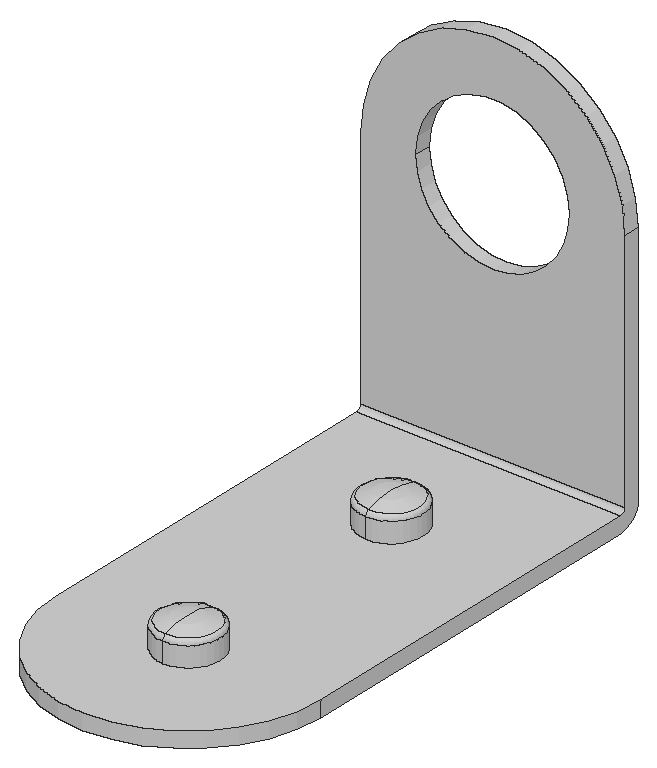
Revit family "LIANO II SOAP BOTTLE HOLDER", category Specialty Equipment, host Face, Revit 2020
Family settings
  Host = Face
  Round Connector Dimension = Use Radius
  Part Type = Normal
  OmniClass Number = 23.40.20.21.34
  OmniClass Title = Soap Holders, Dispensers
  Cut with Voids When Loaded = No
  Shared = No
  Room Calculation Point = No
Parameters (values of type "LIANO II SOAP BOTTLE HOLDER - CHROME")
  URL = "https://www.caroma.com.au/"
  Model = "96450C"
  Material_Base = GWA_Metal-Chrome
  Manufacturer = "GWA Bathrooms & Kitchens"  # constant formula
  Description = "LIANO II SOAP BOTTLE HOLDER - CHROME"
  Default Elevation = 1000.00 mm
  CreatedBy_ANZRS = "GWA Bathrooms & Kitchens"  # constant formula
  Assembly Code = "C1030220"
Types (7, lengths in mm): name | Model | Material_Base | Description
  (no name) | "96450C" | GWA_Metal-Chrome | "LIANO II SOAP BOTTLE HOLDER - CHROME"
  LIANO II SOAP BOTTLE HOLDER - CHROME | "96450C" | GWA_Metal-Chrome | "LIANO II SOAP BOTTLE HOLDER - CHROME"
  LIANO II SOAP BOTTLE HOLDER - MATTE BLACK | "96450B" | GWA-Metal-Black | "LIANO II SOAP BOTTLE HOLDER - MATTE BLACK"
  LIANO II SOAP BOTTLE HOLDER - BRUSHED NICKEL | "96450BN" | GWA_Metal-Brushed-Nickel | "LIANO II SOAP BOTTLE HOLDER - BRUSHED NICKEL"
  LIANO II SOAP BOTTLE HOLDER - BRUSHED BRASS | "96450BB" | GWA_Metal-Brushed-Brass | "LIANO II SOAP BOTTLE HOLDER - BRUSHED BRASS"
  LIANO II SOAP BOTTLE HOLDER - GUNMETAL | "96450GM" | GWA-Metal-Gunmetal Grey | "LIANO II SOAP BOTTLE HOLDER - GUNMETAL"
  LIANO II SOAP BOTTLE HOLDER - BRUSHED BRONZE | "96450BBZ" | GWA_Metal-Brushed-Bronze | "LIANO II SOAP BOTTLE HOLDER - BRUSHED BRONZE"
Reference planes
  plane 1 "Center (Front/Back)": y = 0
  plane 2: z = 0
  plane 3 "Center (Left/Right)": x = 0
Forms (mm)
  Extrusion 1, solid, material "GWA_Metal-Chrome" <- "Material_Base"
    sketch origin (0, 0, 0) x (0, 1, 0) y (0, 0, 1)
      loop
        line (0, 4) -> (0, 75) -> (-3, 75) -> (-3, 4)
        arc (-3, 4) -> (-3.293, 3.293) -> (-4, 3) r 1
        line (-4, 3) -> (-100, 3) -> (-100, 0) -> (-4, 0)
        arc (-4, 0) -> (-1.172, 1.172) -> (0, 4) r 4
    from -25 to 25
  Extrusion 2, void
    sketch origin (0, 0, 0) x (1, 0, 0) y (0, 0, 1)
      loop
        circle (0, 50) r 14.5
      loop
        line (25, 50) -> (30, 50) -> (30, 85) -> (-30, 85) -> (-30, 50) -> (-25, 50)
        arc (-25, 50) -> (0, 75) -> (25, 50) r 25
    from 20 to -20
  Extrusion 3, void
    sketch origin (0, 0, 0) x (1, 0, 0) y (0, 1, 0)
      loop
        line (-25, -75) -> (-30, -75) -> (-30, -105) -> (30, -105) -> (30, -75) -> (25, -75)
        arc (25, -75) -> (0, -100) -> (-25, -75) r 25
    from 20 to -10
  Revolve 4, solid, material "GWA_Metal-Chrome" <- "Material_Base"
    sketch origin (0, 0, -1) x (0, 1, 0) y (0, 0, 1)
      loop
        line (-75, 4) -> (-69, 4) -> (-69, 7.777)
        arc (-69, 7.777) -> (-69.176, 8.344) -> (-69.643, 8.711) r 1
        arc (-69.643, 8.711) -> (-72.276, 9.451) -> (-75, 9.7) r 15
        line (-75, 9.7) -> (-75, 4)
      axis (-75, 4) -> (-75, 9.7)
    angle from 0 to 360
  Revolve 5, solid, material "GWA_Metal-Chrome" <- "Material_Base"
    sketch origin (0, 48, -1) x (0, 1, 0) y (0, 0, 1)
      loop
        line (-75, 4) -> (-69, 4) -> (-69, 7.777)
        arc (-69, 7.777) -> (-69.176, 8.344) -> (-69.643, 8.711) r 1
        arc (-69.643, 8.711) -> (-72.276, 9.451) -> (-75, 9.7) r 15
        line (-75, 9.7) -> (-75, 4)
      axis (-75, 4) -> (-75, 9.7)
    angle from 0 to 360
Cuts and joins
  Extrusion 2, Extrusion 3 cuts Extrusion 1
Lines and regions (mm)
  Masking region 1
    outline origin (0, 0, 0) x (1, 0, 0) y (0, 1, 0)
      loop
        line (-25, 0) -> (-25, -75)
        arc (-25, -75) -> (0, -100) -> (25, -75) r 25
        line (25, -75) -> (25, 0) -> (-25, 0)
  Masking region 2
    outline origin (0, 0, 0) x (0, 1, 0) y (0, 0, 1)
      loop
        line (-3, 75) -> (-3, 4)
        arc (-3, 4) -> (-3.293, 3.293) -> (-4, 3) r 1
        line (-4, 3) -> (-21, 3) -> (-21, 6.777)
        arc (-21, 6.777) -> (-21.176, 7.344) -> (-21.643, 7.711) r 1
        arc (-21.643, 7.711) -> (-27, 8.7) -> (-32.357, 7.711) r 15
        arc (-32.357, 7.711) -> (-32.824, 7.344) -> (-33, 6.777) r 1
        line (-33, 6.777) -> (-33, 3) -> (-69, 3) -> (-69, 6.777)
        arc (-69, 6.777) -> (-69.176, 7.344) -> (-69.643, 7.711) r 1
        arc (-69.643, 7.711) -> (-75, 8.7) -> (-80.357, 7.711) r 15
        arc (-80.357, 7.711) -> (-80.824, 7.344) -> (-81, 6.777) r 1
        line (-81, 6.777) -> (-81, 3) -> (-100, 3) -> (-100, 0) -> (-4, 0)
        arc (-4, 0) -> (-1.172, 1.172) -> (0, 4) r 4
        line (0, 4) -> (0, 75) -> (-3, 75)
  Masking region 3
    outline origin (0, 0, 0) x (1, 0, 0) y (0, 0, 1)
      loop
        line (25, 0) -> (25, 50)
        arc (25, 50) -> (0, 75) -> (-25, 50) r 25
        line (-25, 50) -> (-25, 0) -> (25, 0)
  symbolic lines
    curve 1: line (-25, 0, 0) -> (25, 0, 0)
    curve 2: line (-25, -3, 0) -> (-25, 0, 0)
    curve 3: line (25, -3, 0) -> (-25, -3, 0)
    curve 4: line (25, 0, 0) -> (25, -3, 0)
    curve 5: line (-25, -3, 0) -> (-25, -75, 0)
    curve 6: line (25, -75, 0) -> (25, -3, 0)
    curve 7: arc (-25, -75, 0) -> (0, -100, 0) -> (25, -75, 0) r 25
    curve 8: circle (0, -75, 0) r 6 normal (0, 0, 1)
    curve 9: circle (0, -27, 0) r 6 normal (0, 0, 1)
    curve 10: line (0, -3, 75) -> (0, -3, 4)
    curve 11: line (0, 0, 4) -> (0, 0, 75)
    curve 12: line (0, -4, 3) -> (0, -100, 3)
    curve 13: line (0, -69, 6.777) -> (0, -69, 3)
    curve 14: line (0, -81, 3) -> (0, -81, 6.777)
    curve 15: arc (0, -81, 6.777) -> (0, -80.824, 7.344) -> (0, -80.357, 7.711) r 1
    curve 16: arc (0, -69.643, 7.711) -> (0, -75, 8.7) -> (0, -80.357, 7.711) r 15
    curve 17: arc (0, -69.643, 7.711) -> (0, -69.176, 7.344) -> (0, -69, 6.777) r 1
    curve 18: line (0, -4, 0) -> (0, -100, 0)
    curve 19: line (0, -100, 3) -> (0, -100, 0)
    curve 20: line (0, -3, 75) -> (0, 0, 75)
    curve 21: arc (0, -4, 3) -> (0, -3.293, 3.293) -> (0, -3, 4) r 1
    curve 22: arc (0, -4, 0) -> (0, -1.172, 1.172) -> (0, 0, 4) r 4
    curve 23: line (0, -21, 6.777) -> (0, -21, 3)
    curve 24: line (0, -33, 3) -> (0, -33, 6.777)
    curve 25: arc (0, -33, 6.777) -> (0, -32.824, 7.344) -> (0, -32.357, 7.711) r 1
    curve 26: arc (0, -21.643, 7.711) -> (0, -27, 8.7) -> (0, -32.357, 7.711) r 15
    curve 27: arc (0, -21.643, 7.711) -> (0, -21.176, 7.344) -> (0, -21, 6.777) r 1
    curve 28: arc (-25, 0, 50) -> (0, 0, 75) -> (25, 0, 50) r 25
    curve 29: arc (14.5, 0, 50) -> (0, 0, 64.5) -> (-14.5, 0, 50) r 14.5
    curve 30: arc (-14.5, 0, 50) -> (0, 0, 35.5) -> (14.5, 0, 50) r 14.5
    curve 31: line (25, 0, 0) -> (25, 0, 50)
    curve 32: line (-25, 0, 50) -> (-25, 0, 0)
    curve 33: line (25, 0, 0) -> (-25, 0, 0)
Dimensions and locks
  aligned and locked: plane 2 to host face
  aligned and locked: level to host face
